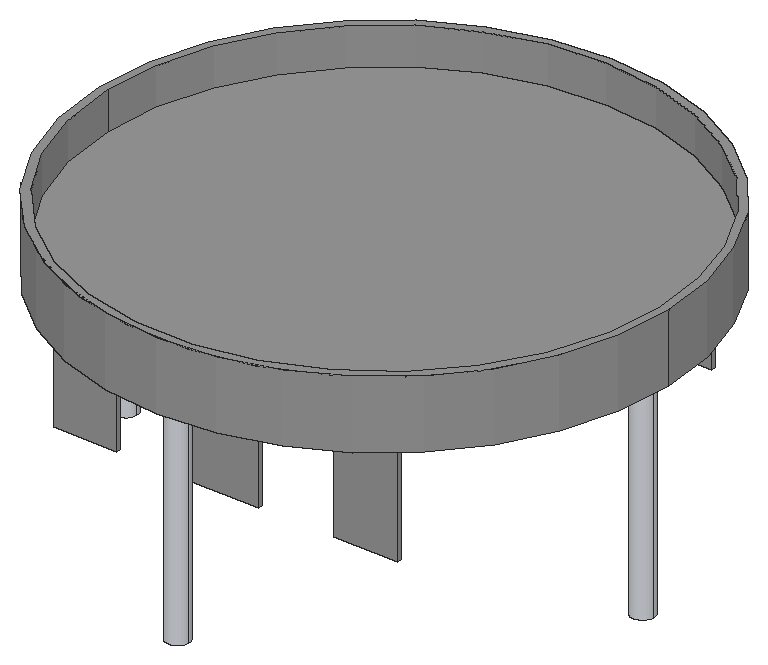
Revit family "Nivellierbare Schwerlastkassette,blind, RKRSL, 20, 9", category Generic Models, Revit 2015
Parameters (values of type "RKR2 9SL2 V2 20")
  URL = "http://www.obo-bettermann.com"
  Material = Stainless Steel, Polished
  Manufacturer Art.No. = "7409112"
  Manufacturer = "OBO Bettermann"
  HeightCalc = if(Height < 105 mm, 105 mm, (if(Height > 155 mm, 155 mm, Height)))  # 150 mm
  Height 1 = 36.5 mm
  Height = 150 mm
  GTIN = "4012195868378"
  Diameter 1 = 295.6 mm
  Diameter = 304 mm
  Cut depth = 20 mm
  Article Type = "RKR2 9SL2 V2 20"
Reference planes
  plane 1 "Center (Front/Back)": y = 0
  plane 2: z = 0
  plane 3 "Center (Left/Right)": x = 0
  plane 4: z = 113.5
  plane 5: y = 99.5
  plane 6: y = -99.5
  plane 7: z = 150
  plane 8: z = 54.7
  plane 9: z = 130
Forms (mm)
  Extrusion 1, solid
    sketch origin (0, 0, 0) x (1, 0, 0) y (0, 1, 0)
      loop
        circle (0, 138) r 6
      loop
        circle (0, -138) r 6
      loop
        circle (-138, 0) r 6
      loop
        circle (138, 0) r 6
    from 0 to 113.5
  Extrusion 2, solid, material "Stainless Steel, Polished" <- "Material"
    sketch origin (0, 0, 0) x (1, 0, 0) y (0, 1, 0)
      loop
        line (-92, 106) -> (-92, 104) -> (-58, 104) -> (-58, 106) -> (-92, 106)
      loop
        line (-18, 106) -> (-18, 104) -> (18, 104) -> (18, 106) -> (-18, 106)
      loop
        line (58, 106) -> (58, 104) -> (92, 104) -> (92, 106) -> (58, 106)
      loop
        line (-92, -104) -> (-92, -106) -> (-58, -106) -> (-58, -104) -> (-92, -104)
      loop
        line (-18, -104) -> (-18, -106) -> (18, -106) -> (18, -104) -> (-18, -104)
      loop
        line (58, -104) -> (58, -106) -> (92, -106) -> (92, -104) -> (58, -104)
    from 54.7 to 113.5
  Extrusion 3, solid, material "Stainless Steel, Polished" <- "Material"
    sketch origin (0, 0, 0) x (1, 0, 0) y (0, 1, 0)
      loop
        circle (0, 0) r 152
    from 113.5 to 150
  Extrusion 4, void
    sketch origin (0, 0, 0) x (1, 0, 0) y (0, 1, 0)
      loop
        circle (0, 0) r 147.8
    from 130 to 150
Cuts and joins
  Extrusion 4 cuts Extrusion 1
  Extrusion 4 cuts Extrusion 2
  Extrusion 4 cuts Extrusion 3
Dimensions and locks
  "HeightCalc": plane 7 to level
  "Height 1": plane 7 to plane 4
  locked: plane 4 to plane 8 at 58.8
  "Cut depth": plane 7 to plane 9
  locked: plane 5 to plane 6 at 199
  equal spacing: plane 5, plane 1 "Center (Front/Back)", plane 6, locked at 99.5 each
  locked: plane 1 "Center (Front/Back)" to Extrusion 1 sketch curve at 138
  locked: Extrusion 1 sketch curve to plane 1 "Center (Front/Back)" at 138
  locked: Extrusion 1 sketch curve to plane 3 "Center (Left/Right)" at 138
  locked: plane 3 "Center (Left/Right)" to Extrusion 1 sketch curve at 138
  locked: Extrusion 2 sketch curve to Extrusion 2 sketch curve at 2  (x2)
  locked: Extrusion 2 sketch curve to plane 1 "Center (Front/Back)" at 104  (x2)
  locked: Extrusion 2 sketch curve to Extrusion 2 sketch curve at 34  (x4)
  locked: Extrusion 2 sketch curve to Extrusion 2 sketch curve at 116  (x2)
  equal spacing: Extrusion 2 sketch curve, plane 3 "Center (Left/Right)", Extrusion 2 sketch curve, locked at 58 each  (x2)
  locked: Extrusion 2 sketch curve to Extrusion 2 sketch curve at 36  (x2)
  equal spacing: Extrusion 2 sketch curve, plane 3 "Center (Left/Right)", Extrusion 2 sketch curve, locked at 18 each  (x2)
  "Diameter": diameter of Extrusion 3 sketch curve
  "Diameter 1": diameter of Extrusion 4 sketch curve
  diameter of Extrusion 1 sketch curve = 12 mm  (x4)
  aligned and locked: level to plane 2
  aligned and locked: plane 4 to Extrusion 1
  aligned and locked: Extrusion 1 to Extrusion 2
  aligned and locked: Extrusion 2 to plane 8
  aligned and locked: Extrusion 3 to Extrusion 1
  aligned and locked: plane 7 to Extrusion 3
  aligned and locked: cut or joined group of Extrusion 3, Extrusion 4 to Extrusion 4
  aligned and locked: Extrusion 4 to plane 9
  aligned and locked: Extrusion 2 sketch curve to Extrusion 2 sketch curve  (x8)
Automatic sketch dimensions
  Extrusion 1 sketch curve to plane 3 "Center (Left/Right)" = 0 mm  (x2)
  plane 1 "Center (Front/Back)" to Extrusion 1 sketch curve = 0 mm  (x2)
  plane 1 "Center (Front/Back)" to Extrusion 4 sketch curve = 0 mm
  Extrusion 4 sketch curve to plane 3 "Center (Left/Right)" = 0 mm
  plane 1 "Center (Front/Back)" to Extrusion 3 sketch curve = 0 mm
  Extrusion 3 sketch curve to plane 3 "Center (Left/Right)" = 0 mm
